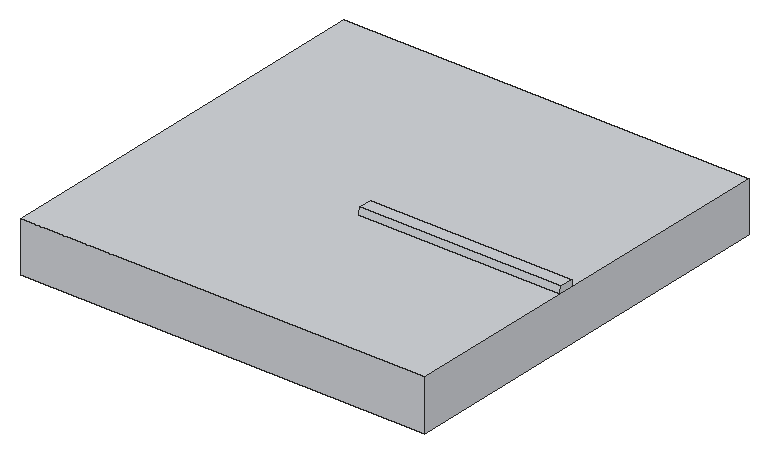
Revit family
Parameters
  Width = 1' - 0"
  WashHeight = 0' - 3"
  URL = "www.coldspringgranite.com"
  TypicalJointSize = 0' - 0 1/4"
  StoneMaterial = none
  SillOverhang = 0' - 1 1/2"
  Product Name = "Sill Stone with Face Surface Sloped"
  Product Documentation Link = "http://www.coldspringgranite.com/BIM_Families/Family_Detail/Sill_Stone_with_Face_Surface_Sloped/"
  PhoneNumber = "800-551-7502"
  Notes = ""
  Model = "N/A"
  Manufacturer = "Cold Spring Granite Company"
  Low Emitting Material = yes
  Low Emitting Finish = yes
  Location = "17482 Granite West Road, Cold Spring, MN 56320-4578"
  Length = 4' - 0"
  LEED Credit = ""
  Keynote = "044256"
  JointRightOff = no
  JointRight = if(JointRightOff, 0' 0", TypicalJointSize / 2)  # 0' - 0 1/8"
  JointLeftOff = no
  JointLeft = if(JointLeftOff, 0' 0", TypicalJointSize / 2)  # 0' - 0 1/8"
  JointBottomOff = no
  JointBottom = if(JointBottomOff, 0' 0", TypicalJointSize)  # 0' - 0 1/4"
  Height = 0' - 6 1/8"
  Description = "Stone Sloped Sill"
  Default Elevation = 0' - 0"
  Assembly Code = "B2010160"
Reference planes (in)
  plane 1 "Center (Front/Back)": y = 0
  plane 2: z = 0
  plane 3 "Center (Left/Right)": x = 0
  plane 4 "StoneFace": z = 1.5
  plane 5 "StoneBack": z = -10.5
  plane 6 "StoneTop": y = -6.375
  plane 7 "JointLeftCenter": x = 48
  plane 8 "StoneBottom": y = -0.25
  plane 9 "WashHeight": y = -3.375
  plane 10 "StoneRight": x = 0.125
  plane 11 "StoneLeft": x = 47.875
Forms (in)
  Extrusion 1, solid
    sketch origin (0, 4, 0) x (1, 0, 0) y (0, 1, 0)
      loop
        line (-48, 48) -> (-48, -48) -> (48, -48) -> (48, 48) -> (-48, 48)
    from 0 to -12
  Extrusion 2, solid, material <- "StoneMaterial", detail levels medium+fine
    sketch origin (0.25, 0, 0) x (0, 0, 1) y (0, -1, 0)
      loop
        line (1.5, 0.25) -> (1.5, 3.375) -> (-10.5, 6.375) -> (-10.5, 0.25) -> (1.5, 0.25)
    from -0.125 to 47.625
  Extrusion 3, solid, material <- "StoneMaterial", detail levels coarse
    sketch origin (0.25, 0, 0) x (0, 0, 1) y (0, -1, 0)
      loop
        line (1.5, 0) -> (1.5, 6.375) -> (-10.5, 6.375) -> (-10.5, 0) -> (1.5, 0)
    from -0.25 to 47.75
Lines and regions (in)
  Masking region 1, detail levels coarse
    outline origin (0.125, 0, 0) x (0, 1, 0) y (0, 0, 1)
      loop
        line (0, 1.5) -> (-6.375, 1.5) -> (-6.375, -10.5) -> (0, -10.5) -> (0, 1.5)
  Masking region 2, detail levels medium+fine
    outline origin (0.125, 0, 0) x (0, 1, 0) y (0, 0, 1)
      loop
        line (-3.375, 1.5) -> (-6.375, -10.5) -> (-0.25, -10.5) -> (-0.25, 1.5) -> (-3.375, 1.5)
  Masking region 3, detail levels coarse
    outline origin (47.875, 0, 0) x (0, 1, 0) y (0, 0, 1)
      loop
        line (-6.375, 1.5) -> (-6.375, -10.5) -> (0, -10.5) -> (0, 1.5) -> (-6.375, 1.5)
  Masking region 4, detail levels medium+fine
    outline origin (47.875, 0, 0) x (0, 1, 0) y (0, 0, 1)
      loop
        line (-3.375, 1.5) -> (-6.375, -10.5) -> (-0.25, -10.5) -> (-0.25, 1.5) -> (-3.375, 1.5)
  Masking region 5, detail levels coarse
    outline origin (0, 0, -10.5) x (-1, 0, 0) y (0, -1, 0)
      loop
        line (0, 0) -> (0, 6.375) -> (-48, 6.375) -> (-48, 0) -> (0, 0)
  Masking region 6, detail levels medium+fine
    outline origin (0, 0, -10.5) x (-1, 0, 0) y (0, -1, 0)
      loop
        line (-0.125, 0.25) -> (-0.125, 6.375) -> (-47.875, 6.375) -> (-47.875, 0.25) -> (-0.125, 0.25)
  Masking region 7, detail levels coarse
    outline origin (0, -0.25, 0) x (0, 0, 1) y (-1, 0, 0)
      loop
        line (1.5, -48) -> (1.5, 0) -> (-10.5, 0) -> (-10.5, -48) -> (1.5, -48)
  Masking region 8, detail levels medium+fine
    outline origin (0, -0.25, 0) x (0, 0, 1) y (-1, 0, 0)
      loop
        line (1.5, -47.875) -> (1.5, -0.125) -> (-10.5, -0.125) -> (-10.5, -47.875) -> (1.5, -47.875)
  Masking region 9, detail levels coarse
    outline origin (0, 0, 1.5) x (-1, 0, 0) y (0, -1, 0)
      loop
        line (0, 0) -> (0, 6.375) -> (-48, 6.375) -> (-48, 0) -> (0, 0)
  Masking region 10, detail levels medium+fine
    outline origin (0, 0, 1.5) x (-1, 0, 0) y (0, -1, 0)
      loop
        line (-0.125, 0.25) -> (-0.125, 3.375) -> (-47.875, 3.375) -> (-47.875, 0.25) -> (-0.125, 0.25)
  Masking region 11, detail levels medium+fine
    outline origin (0, 0, 1.5) x (-1, 0, 0) y (0, -1, 0)
      loop
        line (-0.125, 3.375) -> (-0.125, 6.375) -> (-47.875, 6.375) -> (-47.875, 3.375) -> (-0.125, 3.375)
  Masking region 12, detail levels coarse
    outline origin (0, -6.375, 0) x (-1, 0, 0) y (0, 0, 1)
      loop
        line (0, 1.5) -> (-48, 1.5) -> (-48, -10.5) -> (0, -10.5) -> (0, 1.5)
  Masking region 13, detail levels medium+fine
    outline origin (0, -6.375, 0) x (-1, 0, 0) y (0, 0, 1)
      loop
        line (-0.125, 1.5) -> (-47.875, 1.5) -> (-47.875, -10.5) -> (-0.125, -10.5) -> (-0.125, 1.5)
Dimensions and locks (in)
  "Height": plane 8 "StoneBottom" to plane 6 "StoneTop"
  "JointBottom": plane 1 "Center (Front/Back)" to plane 8 "StoneBottom"
  "WashHeight": plane 9 "WashHeight" to plane 6 "StoneTop"
  "SillOverhang": plane 4 "StoneFace" to plane 2
  "Width": plane 4 "StoneFace" to plane 5 "StoneBack"
  "Length": plane 3 "Center (Left/Right)" to plane 7 "JointLeftCenter"
  "JointRight": plane 3 "Center (Left/Right)" to plane 10 "StoneRight"
  "JointLeft": plane 11 "StoneLeft" to plane 7 "JointLeftCenter"
  aligned and locked: plane 2 to Extrusion 1
  aligned and locked: level to Extrusion 1
  aligned: Extrusion 2 to plane 8 "StoneBottom"
  aligned and locked: plane 4 "StoneFace" to Extrusion 2 sketch curve  (x2)
  aligned and locked: plane 8 "StoneBottom" to Extrusion 2 sketch curve
  aligned and locked: plane 5 "StoneBack" to Extrusion 2 sketch curve  (x2)
  aligned and locked: plane 9 "WashHeight" to Extrusion 2 sketch curve
  aligned and locked: plane 6 "StoneTop" to Extrusion 2 sketch curve
  aligned and locked: plane 11 "StoneLeft" to Extrusion 2
  aligned and locked: Extrusion 2 to plane 10 "StoneRight"
  aligned and locked: Extrusion 3 to plane 1 "Center (Front/Back)"
  aligned and locked: plane 4 "StoneFace" to Extrusion 3
  aligned and locked: Extrusion 3 to plane 6 "StoneTop"
  aligned and locked: Extrusion 3 to plane 5 "StoneBack"
  aligned and locked: plane 7 "JointLeftCenter" to Extrusion 3
  aligned and locked: Extrusion 3 to plane 3 "Center (Left/Right)"
  aligned and locked: plane 6 "StoneTop" to Masking region 1 sketch curve
  aligned and locked: Masking region 1 sketch curve to plane 4 "StoneFace"
  aligned and locked: plane 1 "Center (Front/Back)" to Masking region 1 sketch curve
  aligned and locked: plane 5 "StoneBack" to Masking region 1 sketch curve
  aligned and locked: Masking region 2 sketch curve to Extrusion 2
  aligned and locked: plane 8 "StoneBottom" to Masking region 2 sketch curve
  aligned and locked: plane 4 "StoneFace" to Masking region 2 sketch curve
  aligned and locked: plane 5 "StoneBack" to Masking region 2 sketch curve
  aligned and locked: plane 1 "Center (Front/Back)" to Masking region 3 sketch curve
  aligned and locked: Masking region 3 sketch curve to plane 4 "StoneFace"
  aligned and locked: plane 6 "StoneTop" to Masking region 3 sketch curve
  aligned and locked: plane 5 "StoneBack" to Masking region 3 sketch curve
  aligned and locked: Masking region 4 sketch curve to plane 4 "StoneFace"
  aligned and locked: Masking region 4 sketch curve to plane 5 "StoneBack"
  aligned and locked: Masking region 4 sketch curve to plane 8 "StoneBottom"
  aligned and locked: Masking region 4 sketch curve to Extrusion 2
  aligned and locked: plane 3 "Center (Left/Right)" to Masking region 5 sketch curve
  aligned and locked: plane 1 "Center (Front/Back)" to Masking region 5 sketch curve
  aligned and locked: plane 6 "StoneTop" to Masking region 5 sketch curve
  aligned and locked: Masking region 5 sketch curve to plane 7 "JointLeftCenter"
  aligned and locked: plane 10 "StoneRight" to Masking region 6 sketch curve
  aligned and locked: plane 6 "StoneTop" to Masking region 6 sketch curve
  aligned and locked: plane 8 "StoneBottom" to Masking region 6 sketch curve
  aligned and locked: Masking region 6 sketch curve to plane 11 "StoneLeft"
  aligned and locked: Masking region 7 sketch curve to plane 7 "JointLeftCenter"
  aligned and locked: plane 3 "Center (Left/Right)" to Masking region 7 sketch curve
  aligned and locked: Masking region 7 sketch curve to plane 4 "StoneFace"
  aligned and locked: plane 5 "StoneBack" to Masking region 7 sketch curve
  aligned and locked: Masking region 8 sketch curve to plane 11 "StoneLeft"
  aligned and locked: Masking region 8 sketch curve to plane 4 "StoneFace"
  aligned and locked: plane 5 "StoneBack" to Masking region 8 sketch curve
  aligned and locked: plane 10 "StoneRight" to Masking region 8 sketch curve
  aligned and locked: plane 1 "Center (Front/Back)" to Masking region 9 sketch curve
  aligned and locked: plane 3 "Center (Left/Right)" to Masking region 9 sketch curve
  aligned and locked: plane 6 "StoneTop" to Masking region 9 sketch curve
  aligned and locked: Masking region 9 sketch curve to plane 7 "JointLeftCenter"
  aligned and locked: plane 8 "StoneBottom" to Masking region 10 sketch curve
  aligned and locked: Masking region 10 sketch curve to plane 11 "StoneLeft"
  aligned and locked: Masking region 10 sketch curve to plane 9 "WashHeight"
  aligned and locked: plane 10 "StoneRight" to Masking region 10 sketch curve
  aligned and locked: plane 9 "WashHeight" to Masking region 11 sketch curve
  aligned and locked: Masking region 11 sketch curve to plane 11 "StoneLeft"
  aligned and locked: plane 6 "StoneTop" to Masking region 11 sketch curve
  aligned and locked: plane 10 "StoneRight" to Masking region 11 sketch curve
  aligned and locked: Masking region 12 sketch curve to plane 7 "JointLeftCenter"
  aligned and locked: Masking region 12 sketch curve to plane 4 "StoneFace"
  aligned and locked: plane 3 "Center (Left/Right)" to Masking region 12 sketch curve
  aligned and locked: Masking region 12 sketch curve to plane 5 "StoneBack"
  aligned and locked: plane 10 "StoneRight" to Masking region 13 sketch curve
  aligned and locked: Masking region 13 sketch curve to plane 4 "StoneFace"
  aligned and locked: Masking region 13 sketch curve to plane 5 "StoneBack"
  aligned and locked: Masking region 13 sketch curve to plane 11 "StoneLeft"
Automatic sketch dimensions
  Extrusion 1 sketch curve to Extrusion 1 sketch curve = 8' - 0"  (x2)
  Extrusion 3 sketch curve to plane 8 "StoneBottom" = 0' - 0 1/4"
  plane 5 "StoneBack" to Extrusion 3 sketch curve = 0' - 0"
  Extrusion 3 sketch curve to plane 4 "StoneFace" = 0' - 0"
  plane 6 "StoneTop" to Extrusion 3 sketch curve = 0' - 0"
Nested families (in)
  nested 1: "CopyRight" at (0, 0, -3), type "CopyRight"
Definition of nested family "CopyRight"
  Parameters (values of type "CopyRight")
    CopyRight = "Cold Spring Granite Company"
  Reference planes (in)
    plane 1: z = 0
